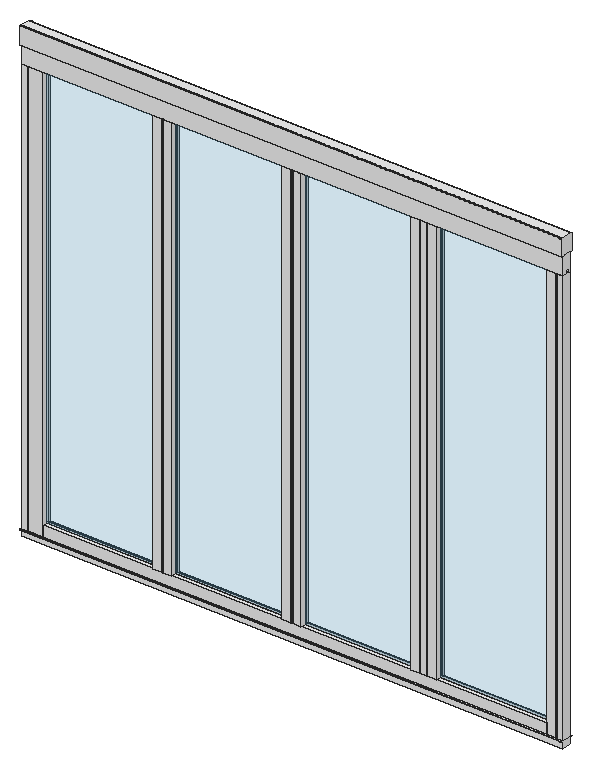
Revit family "Window-NanaWall-HSW-60", category Windows, host Wall, Revit 2013 (continued)
Definition of nested family "Left-Jamb_HSW60"
  Definition of nested family "Profile_LeftJamb_HSW60"
    Lines and regions (in)
      model lines, style "DetailComponents", in view "Ref. Level"
        curve 519: line (1.16254, -0.47007, 0) -> (1.80661, -0.47007, 0)
        curve 520: line (1.80661, -0.47007, 0) -> (1.86315, -0.37214, 0)
        curve 521: line (1.86315, -0.37214, 0) -> (1.80661, -0.47007, 0)
        curve 522: line (1.96156, -0.35255, 0) -> (1.89707, -0.35255, 0)
        curve 523: line (1.89707, -0.35255, 0) -> (1.95135, -0.35255, 0)
        curve 524: line (2.15743, -0.34905, 0) -> (2.15743, -0.59857, 0)
        curve 525: line (2.15743, -0.59857, 0) -> (2.14568, -0.61893, 0)
        curve 526: line (2.14568, -0.61893, 0) -> (2.15743, -0.63928, 0)
        curve 527: line (2.15743, -0.63928, 0) -> (2.15743, -0.67362, 0)
        curve 528: line (1.98184, -0.7123, 0) -> (2.09083, -0.68963, 0)
        curve 529: line (2.09083, -0.68963, 0) -> (2.09083, -0.54842, 0)
        curve 530: line (2.09083, -0.54842, 0) -> (1.56984, -0.54842, 0)
        curve 531: line (1.56984, -0.54842, 0) -> (1.56984, -0.86963, 0)
        curve 532: line (1.55025, -0.88922, 0) -> (1.53067, -0.88922, 0)
        curve 533: line (1.53067, -0.88922, 0) -> (1.53067, -0.85004, 0)
        curve 534: line (1.53067, -0.85004, 0) -> (1.37398, -0.85004, 0)
        curve 535: line (1.37398, -0.85004, 0) -> (1.37398, -1.10467, 0)
        curve 536: line (1.37398, -1.10467, 0) -> (1.53067, -1.10467, 0)
        curve 537: line (1.53067, -1.10467, 0) -> (1.53067, -1.06549, 0)
        curve 538: line (1.53067, -1.06549, 0) -> (1.55025, -1.06549, 0)
        curve 539: line (1.56984, -1.08508, 0) -> (1.56984, -1.16342, 0)
        curve 540: line (1.56984, -1.16342, 0) -> (0.00294, -1.16342, 0)
        curve 541: line (0.00294, -1.16342, 0) -> (0.00294, -1.11642, 0)
        curve 542: line (0.02252, -1.09683, 0) -> (0.12437, -1.09683, 0)
        curve 543: line (0.29673, -0.994, 0) -> (0.29673, -0.93231, 0)
        curve 544: line (0.25756, -0.89313, 0) -> (0.21055, -0.89313, 0)
        curve 545: line (0.21055, -0.89313, 0) -> (0.21055, -0.92447, 0)
        curve 546: line (0.18476, -0.94305, 0) -> (0.04844, -0.89754, 0)
        curve 547: line (0.00294, -0.83438, 0) -> (0.00294, -0.34905, 0)
        curve 548: line (0.1988, -0.35255, 0) -> (0.26329, -0.35255, 0)
        curve 549: line (0.29722, -0.37214, 0) -> (0.35376, -0.47007, 0)
        curve 550: line (0.35376, -0.47007, 0) -> (0.95865, -0.47007, 0)
        curve 551: line (0.00979, 0.27986, 0) -> (0.11066, 0.3381, 0)
        curve 552: line (0.0276, 0.33013, 0) -> (0.12046, 0.35506, 0)
        curve 553: line (0.12046, 0.35506, 0) -> (0.12046, 0.36475, 0)
        curve 554: line (0.12046, 0.36475, 0) -> (0.07639, 0.44108, 0)
        curve 555: line (0.07639, 0.44108, 0) -> (0.07639, 0.46224, 0)
        curve 556: line (0.08422, 0.47007, 0) -> (0.23504, 0.47007, 0)
        curve 557: line (0.24287, 0.46224, 0) -> (0.24287, 0.44108, 0)
        curve 558: line (0.24287, 0.44108, 0) -> (0.1988, 0.36475, 0)
        curve 559: line (0.1988, 0.36475, 0) -> (0.1988, 0.32566, 0)
        curve 560: line (0.17921, 0.29174, 0) -> (0.09401, 0.24254, 0)
        curve 561: line (0.07443, 0.20862, 0) -> (0.07443, -0.20862, 0)
        curve 562: line (0.09401, -0.24254, 0) -> (0.17921, -0.29174, 0)
        curve 563: line (0.1988, -0.32566, 0) -> (0.1988, -0.36475, 0)
        curve 564: line (0.1988, -0.36475, 0) -> (0.24287, -0.44108, 0)
        curve 565: line (0.24287, -0.44108, 0) -> (0.24287, -0.46224, 0)
        curve 566: line (0.23504, -0.47007, 0) -> (0.08422, -0.47007, 0)
        curve 567: line (0.07639, -0.46224, 0) -> (0.07639, -0.44108, 0)
        curve 568: line (0.07639, -0.44108, 0) -> (0.12046, -0.36475, 0)
        curve 569: line (0.12046, -0.36475, 0) -> (0.12046, -0.35506, 0)
        curve 570: line (0.12046, -0.35506, 0) -> (0.0276, -0.33013, 0)
        curve 571: line (0.11066, -0.3381, 0) -> (0.00979, -0.27986, 0)
        curve 572: line (0, -0.2629, 0) -> (0, 0.2629, 0)
        curve 573: line (2.15057, 0.27986, 0) -> (2.0497, 0.3381, 0)
        curve 574: line (2.07614, 0.47007, 0) -> (1.92533, 0.47007, 0)
        curve 575: line (1.9175, 0.46224, 0) -> (1.9175, 0.44108, 0)
        curve 576: line (1.9175, 0.44108, 0) -> (1.96156, 0.36475, 0)
        curve 577: line (1.96156, 0.36475, 0) -> (1.96156, 0.32566, 0)
        curve 578: line (1.98115, 0.29174, 0) -> (2.06635, 0.24254, 0)
        curve 579: line (2.08594, 0.20862, 0) -> (2.08594, -0.20862, 0)
        curve 580: line (1.98115, -0.29174, 0) -> (2.06635, -0.24254, 0)
        curve 581: line (2.06635, -0.24254, 0) -> (1.98115, -0.29174, 0)
        curve 582: line (1.96156, -0.36475, 0) -> (1.96156, -0.32566, 0)
        curve 583: line (1.96156, -0.32566, 0) -> (1.96156, -0.36475, 0)
        curve 584: line (1.96156, -0.36475, 0) -> (1.9175, -0.44108, 0)
        curve 585: line (1.9175, -0.44108, 0) -> (1.9175, -0.46224, 0)
        curve 586: line (1.9175, -0.46224, 0) -> (1.9175, -0.44108, 0)
        curve 587: line (1.9175, -0.44108, 0) -> (1.96156, -0.36475, 0)
        curve 588: line (1.92533, -0.47007, 0) -> (2.07614, -0.47007, 0)
        curve 589: line (2.08398, -0.46224, 0) -> (2.08398, -0.44108, 0)
        curve 590: line (2.08398, -0.44108, 0) -> (2.03991, -0.36475, 0)
        curve 591: line (2.03991, -0.36475, 0) -> (2.03991, -0.35506, 0)
        curve 592: line (2.03991, -0.35506, 0) -> (2.13276, -0.33013, 0)
        curve 593: line (2.15057, -0.27986, 0) -> (2.0497, -0.3381, 0)
        curve 594: line (2.0497, -0.3381, 0) -> (2.15057, -0.27986, 0)
        curve 595: line (2.16037, -0.2629, 0) -> (2.16037, 0.2629, 0)
        curve 596: line (0.36333, 1.09291, 0) -> (0.36333, 0.94014, 0)
        curve 597: line (0.36333, 0.94014, 0) -> (0.36333, 1.09291, 0)
        curve 598: line (0.36333, 1.09291, 0) -> (1.30738, 1.09291, 0)
        curve 599: line (1.30738, 1.09291, 0) -> (1.30738, 0.85396, 0)
        curve 600: line (1.50325, 0.78737, 0) -> (1.37398, 0.78737, 0)
        curve 601: line (1.37398, 0.78737, 0) -> (1.50325, 0.78737, 0)
        curve 602: line (1.50325, 0.78737, 0) -> (1.50325, 0.54842, 0)
        curve 603: line (1.50325, 0.54842, 0) -> (1.17529, 0.54842, 0)
        curve 604: line (0.06953, 0.54842, 0) -> (0.9459, 0.54842, 0)
        curve 605: line (0.9459, 0.54842, 0) -> (0.06953, 0.54842, 0)
        curve 606: line (0.06953, 0.54842, 0) -> (0.06953, 0.83438, 0)
        curve 607: line (0.06953, 0.83438, 0) -> (0.25756, 0.83438, 0)
        curve 608: line (0.25756, 0.83438, 0) -> (0.06953, 0.83438, 0)
        curve 609: line (0.06953, 0.83438, 0) -> (0.06953, 0.54842, 0)
        curve 610: line (1.16254, 0.47007, 0) -> (1.80661, 0.47007, 0)
        curve 611: line (1.80661, 0.47007, 0) -> (1.86315, 0.37214, 0)
        curve 612: line (1.89707, 0.35255, 0) -> (1.96156, 0.35255, 0)
        curve 613: line (2.0481, 0.35282, 0) -> (2.13277, 0.33013, 0)
        curve 614: line (2.13276, 0.33013, 0) -> (2.03991, 0.35506, 0)
        curve 615: line (2.03991, 0.35506, 0) -> (2.03991, 0.36475, 0)
        curve 616: line (2.03991, 0.36475, 0) -> (2.08398, 0.44108, 0)
        curve 617: line (2.08398, 0.44108, 0) -> (2.08398, 0.46224, 0)
        curve 618: line (2.15743, 0.34905, 0) -> (2.15743, 0.59857, 0)
        curve 619: line (2.15743, 0.59857, 0) -> (2.14568, 0.61893, 0)
        curve 620: line (2.14568, 0.61893, 0) -> (2.15743, 0.63928, 0)
        curve 621: line (2.15743, 0.63928, 0) -> (2.15743, 0.67362, 0)
        curve 622: line (2.15743, 0.67362, 0) -> (2.15743, 0.63928, 0)
        curve 623: line (2.15743, 0.63928, 0) -> (2.14568, 0.61893, 0)
        curve 624: line (2.14568, 0.61893, 0) -> (2.15743, 0.59857, 0)
        curve 625: line (2.15743, 0.59857, 0) -> (2.15743, 0.34905, 0)
        curve 626: line (1.99221, 0.76216, 0) -> (2.1044, 0.73882, 0)
        curve 627: line (2.1044, 0.73882, 0) -> (1.99221, 0.76216, 0)
        curve 628: line (1.55025, 0.88922, 0) -> (1.53067, 0.88922, 0)
        curve 629: line (1.53067, 0.88922, 0) -> (1.53067, 0.85004, 0)
        curve 630: line (1.53067, 0.85004, 0) -> (1.37398, 0.85004, 0)
        curve 631: line (1.37398, 0.85004, 0) -> (1.37398, 1.10467, 0)
        curve 632: line (1.37398, 1.10467, 0) -> (1.53067, 1.10467, 0)
        curve 633: line (1.53067, 1.10467, 0) -> (1.53067, 1.06549, 0)
        curve 634: line (1.53067, 1.06549, 0) -> (1.55025, 1.06549, 0)
        curve 635: line (1.56984, 1.08508, 0) -> (1.56984, 1.16342, 0)
        curve 636: line (1.56984, 1.16342, 0) -> (0.00294, 1.16342, 0)
        curve 637: line (0.00294, 1.16342, 0) -> (0.00294, 1.11642, 0)
        curve 638: line (0.00294, 1.11642, 0) -> (0.00294, 1.16342, 0)
        curve 639: line (0.12437, 1.09683, 0) -> (0.02252, 1.09683, 0)
        curve 640: line (0.02252, 1.09683, 0) -> (0.12437, 1.09683, 0)
        curve 641: line (0.29673, 0.93231, 0) -> (0.29673, 0.994, 0)
        curve 642: line (0.29673, 0.994, 0) -> (0.29673, 0.93231, 0)
        curve 643: line (0.21055, 0.89313, 0) -> (0.25756, 0.89313, 0)
        curve 644: line (0.25756, 0.89313, 0) -> (0.21055, 0.89313, 0)
        curve 645: line (0.21055, 0.89313, 0) -> (0.21055, 0.92447, 0)
        curve 646: line (0.21055, 0.92447, 0) -> (0.21055, 0.89313, 0)
        curve 647: line (0.04844, 0.89754, 0) -> (0.18476, 0.94305, 0)
        curve 648: line (0.18476, 0.94305, 0) -> (0.04844, 0.89754, 0)
        curve 649: line (0.00294, 0.83438, 0) -> (0.00294, 0.34905, 0)
        curve 650: line (0.1988, 0.35255, 0) -> (0.26329, 0.35255, 0)
        curve 651: line (0.29722, 0.37214, 0) -> (0.35376, 0.47007, 0)
        curve 652: line (0.35376, 0.47007, 0) -> (0.95865, 0.47007, 0)
        curve 653: line (1.56984, 0.86963, 0) -> (1.56984, 0.54842, 0)
        curve 654: line (1.56984, 0.54842, 0) -> (2.09083, 0.54842, 0)
        curve 655: line (2.09083, 0.54842, 0) -> (2.09083, 0.68963, 0)
        curve 656: line (2.09083, 0.68963, 0) -> (1.98184, 0.7123, 0)
        curve 657: line (1.98184, 0.7123, 0) -> (2.09083, 0.68963, 0)
        curve 658: line (2.09083, 0.68963, 0) -> (2.09083, 0.54842, 0)
        curve 659: line (2.64317, 0.34905, 0) -> (2.64317, 0.59857, 0)
        curve 660: line (2.64317, 0.59857, 0) -> (2.65492, 0.61893, 0)
        curve 661: line (2.65492, 0.61893, 0) -> (2.64317, 0.63928, 0)
        curve 662: line (2.64317, 0.63928, 0) -> (2.64317, 0.67362, 0)
        curve 663: line (3.23075, 1.08508, 0) -> (3.23075, 1.16342, 0)
        curve 664: line (3.23075, 1.16342, 0) -> (5.58111, 1.16342, 0)
        curve 665: line (5.58111, 1.16342, 0) -> (5.58111, 0.9786, 0)
        curve 666: line (3.63806, 0.47007, 0) -> (2.99399, 0.47007, 0)
        curve 667: line (2.99399, 0.47007, 0) -> (2.93745, 0.37214, 0)
        curve 668: line (5.18938, 0.9989, 0) -> (5.18938, 1.02632, 0)
        curve 669: line (5.18938, 1.02632, 0) -> (5.15021, 1.02632, 0)
        curve 670: line (5.15021, 1.02632, 0) -> (5.15021, 1.10467, 0)
        curve 671: line (5.15021, 1.10467, 0) -> (5.50668, 1.10467, 0)
        curve 672: line (5.50668, 1.10467, 0) -> (5.50668, 1.02632, 0)
        curve 673: line (5.50668, 1.02632, 0) -> (5.46751, 1.02632, 0)
        curve 674: line (5.46751, 1.02632, 0) -> (5.46751, 0.98715, 0)
        curve 675: line (5.46751, 0.98715, 0) -> (5.56473, 0.98715, 0)
        curve 676: line (5.56473, 0.98715, 0) -> (5.47926, 0.98715, 0)
        curve 677: line (5.17763, 0.98715, 0) -> (5.14237, 0.98715, 0)
        curve 678: line (5.1032, 1.02632, 0) -> (5.1032, 1.09291, 0)
        curve 679: line (5.1032, 1.09291, 0) -> (4.71931, 1.09291, 0)
        curve 680: line (4.71931, 1.09291, 0) -> (4.71931, 0.98777, 0)
        curve 681: line (4.71931, 0.98777, 0) -> (4.78872, 0.8677, 0)
        curve 682: line (2.81875, 0.7123, 0) -> (2.70976, 0.68963, 0)
        curve 683: line (2.70976, 0.68963, 0) -> (2.70976, 0.54842, 0)
        curve 684: line (2.70976, 0.54842, 0) -> (3.23075, 0.54842, 0)
        curve 685: line (3.23075, 0.54842, 0) -> (3.23075, 0.86963, 0)
        curve 686: line (3.25034, 0.88922, 0) -> (3.26993, 0.88922, 0)
        curve 687: line (3.26993, 0.88922, 0) -> (3.26993, 0.85004, 0)
        curve 688: line (3.26993, 0.85004, 0) -> (3.42662, 0.85004, 0)
        curve 689: line (3.42662, 0.85004, 0) -> (3.42662, 1.10467, 0)
        curve 690: line (3.42662, 1.10467, 0) -> (3.26993, 1.10467, 0)
        curve 691: line (3.26993, 1.10467, 0) -> (3.26993, 1.06549, 0)
        curve 692: line (3.26993, 1.06549, 0) -> (3.25034, 1.06549, 0)
        curve 693: line (3.42662, 0.78737, 0) -> (3.29735, 0.78737, 0)
        curve 694: line (3.29735, 0.78737, 0) -> (3.29735, 0.54842, 0)
        curve 695: line (3.29735, 0.54842, 0) -> (3.62531, 0.54842, 0)
        curve 696: line (3.85469, 0.54842, 0) -> (4.73106, 0.54842, 0)
        curve 697: line (4.73106, 0.54842, 0) -> (4.73106, 0.83438, 0)
        curve 698: line (4.73106, 0.83438, 0) -> (4.65272, 0.96991, 0)
        curve 699: line (4.65272, 0.96991, 0) -> (4.65272, 1.09291, 0)
        curve 700: line (4.65272, 1.09291, 0) -> (3.49321, 1.09291, 0)
        curve 701: line (3.49321, 1.09291, 0) -> (3.49321, 0.85396, 0)
        curve 702: line (4.50338, 0.37214, 0) -> (4.44683, 0.47007, 0)
        curve 703: line (4.44683, 0.47007, 0) -> (3.84194, 0.47007, 0)
        curve 704: line (4.60179, 0.35255, 0) -> (4.5373, 0.35255, 0)
        curve 705: line (2.90352, 0.35255, 0) -> (2.83903, 0.35255, 0)
        curve 706: line (4.79766, 0.83438, 0) -> (4.79766, 0.34905, 0)
        curve 707: line (2.64317, -0.34905, 0) -> (2.64317, -0.59857, 0)
        curve 708: line (2.64317, -0.59857, 0) -> (2.65492, -0.61893, 0)
        curve 709: line (2.65492, -0.61893, 0) -> (2.64317, -0.63928, 0)
        curve 710: line (2.64317, -0.63928, 0) -> (2.64317, -0.67362, 0)
        curve 711: line (2.81875, -0.7123, 0) -> (2.70976, -0.68963, 0)
        curve 712: line (2.70976, -0.68963, 0) -> (2.70976, -0.54842, 0)
        curve 713: line (2.70976, -0.54842, 0) -> (3.23075, -0.54842, 0)
        curve 714: line (3.23075, -0.54842, 0) -> (3.23075, -0.86963, 0)
        curve 715: line (3.42662, -0.78737, 0) -> (3.29735, -0.78737, 0)
        curve 716: line (3.29735, -0.78737, 0) -> (3.29735, -0.54842, 0)
        curve 717: line (3.29735, -0.54842, 0) -> (3.62531, -0.54842, 0)
        curve 718: line (3.25034, -0.88922, 0) -> (3.26993, -0.88922, 0)
        curve 719: line (3.26993, -0.88922, 0) -> (3.26993, -0.85004, 0)
        curve 720: line (3.26993, -0.85004, 0) -> (3.42662, -0.85004, 0)
        curve 721: line (3.42662, -0.85004, 0) -> (3.42662, -1.10467, 0)
        curve 722: line (3.42662, -1.10467, 0) -> (3.26993, -1.10467, 0)
        curve 723: line (3.26993, -1.10467, 0) -> (3.26993, -1.06549, 0)
        curve 724: line (3.26993, -1.06549, 0) -> (3.25034, -1.06549, 0)
        curve 725: line (4.60179, -0.35255, 0) -> (4.5373, -0.35255, 0)
        curve 726: line (2.90352, -0.35255, 0) -> (2.83903, -0.35255, 0)
        curve 727: line (4.43727, -0.93231, 0) -> (4.43727, -1.09291, 0)
        curve 728: line (4.43727, -1.09291, 0) -> (3.49321, -1.09291, 0)
        curve 729: line (3.49321, -1.09291, 0) -> (3.49321, -0.85396, 0)
        curve 730: line (4.50338, -0.37214, 0) -> (4.44683, -0.47007, 0)
        curve 731: line (4.44683, -0.47007, 0) -> (3.84194, -0.47007, 0)
        curve 732: line (3.63806, -0.47007, 0) -> (2.99399, -0.47007, 0)
        curve 733: line (2.99399, -0.47007, 0) -> (2.93745, -0.37214, 0)
        curve 734: line (4.50386, -0.994, 0) -> (4.50386, -0.93231, 0)
        curve 735: line (4.54303, -0.89313, 0) -> (4.59004, -0.89313, 0)
        curve 736: line (4.59004, -0.89313, 0) -> (4.59004, -0.92447, 0)
        curve 737: line (3.85469, -0.54842, 0) -> (4.73106, -0.54842, 0)
        curve 738: line (4.73106, -0.54842, 0) -> (4.73106, -0.82654, 0)
        curve 739: line (4.73106, -0.82654, 0) -> (4.54303, -0.82654, 0)
        curve 740: line (3.23075, -1.08508, 0) -> (3.23075, -1.16342, 0)
        curve 741: line (3.23075, -1.16342, 0) -> (4.79766, -1.16342, 0)
        curve 742: line (4.79766, -1.16342, 0) -> (4.79766, -1.11642, 0)
        curve 743: line (4.79766, -0.34905, 0) -> (4.79766, -0.82654, 0)
        curve 744: line (2.6962, -0.73882, 0) -> (2.80838, -0.76216, 0)
        curve 745: line (4.77807, -1.09683, 0) -> (4.67622, -1.09683, 0)
        curve 746: line (4.61676, -0.94271, 0) -> (4.7553, -0.88856, 0)
        curve 747: line (2.64317, -0.2629, 0) -> (2.64317, 0.2629, 0)
        curve 748: line (2.71466, 0.20862, 0) -> (2.71466, -0.20862, 0)
        curve 749: line (2.71662, -0.46224, 0) -> (2.71662, -0.44108, 0)
        curve 750: line (2.71662, -0.44108, 0) -> (2.76068, -0.36475, 0)
        curve 751: line (2.76068, -0.36475, 0) -> (2.76068, -0.35501, 0)
        curve 752: line (2.76068, -0.35501, 0) -> (2.66782, -0.33013, 0)
        curve 753: line (2.66782, 0.33013, 0) -> (2.76068, 0.35501, 0)
        curve 754: line (2.76068, 0.35501, 0) -> (2.76068, 0.36475, 0)
        curve 755: line (2.76068, 0.36475, 0) -> (2.71662, 0.44108, 0)
        curve 756: line (2.71662, 0.44108, 0) -> (2.71662, 0.46224, 0)
        curve 757: line (2.8831, 0.46224, 0) -> (2.8831, 0.44108, 0)
        curve 758: line (2.8831, 0.44108, 0) -> (2.83903, 0.36475, 0)
        curve 759: line (2.83903, 0.36475, 0) -> (2.83903, 0.32566, 0)
        curve 760: line (2.83903, -0.32566, 0) -> (2.83903, -0.36475, 0)
        curve 761: line (2.83903, -0.36475, 0) -> (2.8831, -0.44108, 0)
        curve 762: line (2.8831, -0.44108, 0) -> (2.8831, -0.46224, 0)
        curve 763: line (2.65296, 0.27986, 0) -> (2.75089, 0.3381, 0)
        curve 764: line (2.81944, 0.29174, 0) -> (2.73424, 0.24254, 0)
        curve 765: line (2.72445, 0.47007, 0) -> (2.87526, 0.47007, 0)
        curve 766: line (2.87526, -0.47007, 0) -> (2.72445, -0.47007, 0)
        curve 767: line (2.73424, -0.24254, 0) -> (2.81944, -0.29174, 0)
        curve 768: line (2.75089, -0.3381, 0) -> (2.65296, -0.27986, 0)
        curve 769: line (4.55772, 0.46224, 0) -> (4.55772, 0.44108, 0)
        curve 770: line (4.55772, 0.44108, 0) -> (4.60179, 0.36475, 0)
        curve 771: line (4.60179, 0.36475, 0) -> (4.60179, 0.32566, 0)
        curve 772: line (4.78786, 0.27986, 0) -> (4.68993, 0.3381, 0)
        curve 773: line (4.62138, 0.29174, 0) -> (4.70658, 0.24254, 0)
        curve 774: line (4.71637, 0.47007, 0) -> (4.56556, 0.47007, 0)
        curve 775: line (4.72421, -0.46224, 0) -> (4.72421, -0.44108, 0)
        curve 776: line (4.72421, -0.44108, 0) -> (4.68014, -0.36475, 0)
        curve 777: line (4.68014, -0.36475, 0) -> (4.68014, -0.35506, 0)
        curve 778: line (4.68014, -0.35506, 0) -> (4.77299, -0.33013, 0)
        curve 779: line (4.773, 0.33013, 0) -> (4.68014, 0.35501, 0)
        curve 780: line (4.68014, 0.35501, 0) -> (4.68014, 0.36475, 0)
        curve 781: line (4.68014, 0.36475, 0) -> (4.72421, 0.44108, 0)
        curve 782: line (4.72421, 0.44108, 0) -> (4.72421, 0.46224, 0)
        curve 783: line (4.56556, -0.47007, 0) -> (4.71637, -0.47007, 0)
        curve 784: line (4.60179, -0.32566, 0) -> (4.60179, -0.36475, 0)
        curve 785: line (4.60179, -0.36475, 0) -> (4.55772, -0.44108, 0)
        curve 786: line (4.55772, -0.44108, 0) -> (4.55772, -0.46224, 0)
        curve 787: line (4.70658, -0.24254, 0) -> (4.62138, -0.29174, 0)
        curve 788: line (4.72617, 0.20862, 0) -> (4.72617, -0.20862, 0)
        curve 789: line (4.68993, -0.3381, 0) -> (4.78786, -0.27986, 0)
        curve 790: line (4.79766, -0.2629, 0) -> (4.79766, 0.2629, 0)
        curve 791: line (2.37032, -0.98232, 0) -> (2.35329, -0.97931, 0)
        curve 792: line (2.35329, -0.97931, 0) -> (2.35329, -0.92839, 0)
        curve 793: line (2.35329, -0.92839, 0) -> (2.43164, -0.92839, 0)
        curve 794: line (2.43164, -0.92839, 0) -> (2.43164, -0.86963, 0)
        curve 795: line (2.56482, -0.48966, 0) -> (2.56482, -0.81087, 0)
        curve 796: line (2.56482, -0.81087, 0) -> (2.49039, -0.81087, 0)
        curve 797: line (2.58441, -0.47007, 0) -> (2.64317, -0.47007, 0)
        curve 798: line (2.64317, -0.47007, 0) -> (2.64317, -0.50924, 0)
        curve 799: line (2.64317, -0.50924, 0) -> (2.62358, -0.50924, 0)
        curve 800: line (2.62358, -0.50924, 0) -> (2.62358, -0.81087, 0)
        curve 801: line (2.62358, -0.81087, 0) -> (2.7411, -0.81087, 0)
        curve 802: line (2.7411, -0.81087, 0) -> (2.7411, -0.77142, 0)
        curve 803: line (2.75524, -0.75991, 0) -> (2.7905, -0.76725, 0)
        curve 804: line (2.79986, -0.77875, 0) -> (2.79986, -0.81087, 0)
        curve 805: line (2.79986, -0.81087, 0) -> (2.83903, -0.81087, 0)
        curve 806: line (2.83903, -0.81087, 0) -> (2.83903, -0.88138, 0)
        curve 807: line (2.83903, -0.88138, 0) -> (2.50215, -0.88138, 0)
        curve 808: line (2.50215, -0.88138, 0) -> (2.50215, -1.09291, 0)
        curve 809: line (2.50215, -1.09291, 0) -> (3.14066, -1.09291, 0)
        curve 810: line (3.14066, -1.09291, 0) -> (3.14066, -1.00666, 0)
        curve 811: line (3.14066, -1.00666, 0) -> (3.282, -1.00666, 0)
        curve 812: line (3.282, -1.00666, 0) -> (3.282, -0.94462, 0)
        curve 813: line (3.282, -0.94462, 0) -> (3.23075, -0.94462, 0)
        curve 814: line (3.32869, -1.01653, 0) -> (3.32869, -0.93818, 0)
        curve 815: line (3.28951, -0.89901, 0) -> (3.23075, -0.89901, 0)
        curve 816: line (3.23075, -0.89901, 0) -> (3.23075, -0.94462, 0)
        curve 817: line (3.28951, -1.0557, 0) -> (3.21117, -1.0557, 0)
        curve 818: line (3.21117, -1.0557, 0) -> (3.21117, -1.12425, 0)
        curve 819: line (3.21117, -1.12425, 0) -> (3.23075, -1.14384, 0)
        curve 820: line (3.23075, -1.14384, 0) -> (3.23075, -1.16342, 0)
        curve 821: line (3.23075, -1.16342, 0) -> (1.97723, -1.16342, 0)
        curve 822: line (1.97723, -1.16342, 0) -> (1.97723, -0.92839, 0)
        curve 823: line (1.97723, -0.92839, 0) -> (2.07517, -0.92839, 0)
        curve 824: line (2.07517, -0.92839, 0) -> (2.07517, -0.96756, 0)
        curve 825: line (2.07517, -0.96756, 0) -> (2.03599, -0.96756, 0)
        curve 826: line (2.03599, -0.96756, 0) -> (2.03599, -1.09683, 0)
        curve 827: line (2.03599, -1.09683, 0) -> (2.27494, -1.09683, 0)
        curve 828: line (2.35329, -0.92839, 0) -> (2.35329, -0.96756, 0)
        curve 829: line (2.35329, -0.96756, 0) -> (2.43164, -0.96756, 0)
        curve 830: line (2.43164, -0.96756, 0) -> (2.43164, -1.09683, 0)
        curve 831: line (2.43164, -1.09683, 0) -> (2.31412, -1.09683, 0)
        curve 832: line (2.31412, -1.09683, 0) -> (2.31412, -1.04591, 0)
        curve 833: line (2.31412, -1.04591, 0) -> (2.27494, -1.04591, 0)
        curve 834: line (2.27494, -1.04591, 0) -> (2.27494, -1.09683, 0)
Definition of nested family "Sash_Open-Door_HSW-60_NanaWall"
  Parameters (values of type "Sash_Open-Door_HSW-60_NanaWall")
    system length 1 = 2' - 6.77422"
    Height = 8' - 11 121/128"
    Glass Thickness = 0' - 0.94091"
    Glass = Glass - NanaWall - Generic
    Assembly Code = ""
  Reference planes (in)
    plane 1 "Center (Front/Back)": y = -7.70117
    plane 2: z = 0
    plane 3 "Center (Left/Right)": x = 0.01235
    plane 4 "Left": x = -15.37476
    plane 5 "Right": x = 15.39946
    plane 6 "Top": z = 107.94531
    plane 7 "Top Interior Edge of Filler": z = 107.43359
    plane 8 "Bottom Interior Edge of Filler": z = 0.51172
    plane 9 "Top Edge of Glass": z = 105.07813
    plane 10 "Bottom Edge of Glass": z = 2.86719
  Forms (in)
    Extrusion 1, solid, material "Glass - NanaWall - Generic" <- "Glass"
      sketch origin (0, 0, 0) x (1, 0, 0) y (0, 1, 0)
        loop
          line (-15.37476, -7.23072) -> (-15.37476, -8.17163) -> (15.39946, -8.17163) -> (15.39946, -7.23072) -> (-15.37476, -7.23072)
      from 0 to 107.94531
  Lines and regions (in)
    Masking region 1
      outline origin (0, 0, 0) x (1, 0, 0) y (0, 1, 0)
        loop
          line (-15.37476, -8.17163) -> (15.39946, -8.17163) -> (15.39946, -7.23072) -> (-15.37476, -7.23072) -> (-15.37476, -8.17163)
  Text (in)
    text "INTERIOR" at (-58.41771, 10.1947, 0), in view "Ref. Level"
    text "EXTERIOR" at (-58.41771, -20.04114, 0), in view "Ref. Level"
  Dimensions and locks (in)
    equal spacing: plane 4 "Left", plane 3 "Center (Left/Right)", plane 5 "Right"
    "Height": plane 6 "Top" to level
    locked: plane 6 "Top" to plane 7 "Top Interior Edge of Filler" at 0.51172
    locked: plane 8 "Bottom Interior Edge of Filler" to level at 0.51172
    locked: plane 10 "Bottom Edge of Glass" to level at 2.86719
    locked: plane 6 "Top" to plane 9 "Top Edge of Glass" at 2.86719
    "system length 1": plane 4 "Left" to plane 5 "Right"
    equal spacing: Extrusion 1 sketch curve, plane 1 "Center (Front/Back)", Extrusion 1 sketch curve
    "Glass Thickness": Extrusion 1 sketch curve to Extrusion 1 sketch curve
    aligned and locked: Extrusion 1 sketch curve to plane 5 "Right"
    aligned and locked: plane 4 "Left" to Extrusion 1 sketch curve
    aligned and locked: Masking region 1 sketch curve to Extrusion 1  (x2)
    aligned and locked: Masking region 1 sketch curve to plane 4 "Left"
    aligned and locked: Masking region 1 sketch curve to plane 5 "Right"
    aligned and locked: Extrusion 1 to level
    aligned and locked: plane 6 "Top" to Extrusion 1
Definition of nested family "Middle-Jamb_11.6"
  Parameters (values of type "Middle-Jamb_11.6")
    built-in parameter 1001301 = 1' - 0"
    Right Jamb = Metal - NanaWall - Aluminum
    Height = 8' - 11 121/128"
    Half = yes
    Filler = Rubber - NanaWall - Black
    Closed [instance] = yes
    Assembly Code = ""
  Reference planes (in)
    plane 1 "Center (Front/Back)": y = 0
    plane 2: z = 0
    plane 3 "Center (Left/Right)": x = -7.30207
    plane 4 "Top": z = 107.94531
    plane 5: x = -10.09324
    plane 6: x = -4.5109
  Forms (in)
    Sweep 1, solid, material "Metal - NanaWall - Aluminum" <- "Right Jamb", visible <- "Closed"
      path origin (-7.30207, 0, 0) x (0, 1, 0) y (0, 0, -1)
        loop
          line (0, -107.94531) -> (0, 0)
      profile origin (-7.30207, 0, 53.97266) x (-1, 0, 0) y (0, -1, 0)
        loop
          line (-3.36375, -1.16437) -> (-1.02716, -1.16437) -> (-1.02716, 1.16438) -> (-3.37943, 1.16438) -> (-3.37943, 0.10977) -> (-2.79117, 0.10977) -> (-2.79117, -0.83114) -> (-3.36375, -0.83114) -> (-3.36375, -1.16437)
        loop
          line (3.36375, -1.16437) -> (3.36375, -0.83114) -> (2.79117, -0.83114) -> (2.79117, 0.10977) -> (3.37943, 0.10977) -> (3.37943, 1.16438) -> (1.02716, 1.16438) -> (1.02716, -1.16437) -> (3.36375, -1.16437)
    Sweep 2, solid, material "Metal - NanaWall - Aluminum" <- "Right Jamb"
      path origin (-7.30207, 0, 0) x (0, 1, 0) y (0, 0, -1)
        loop
          line (0, -107.94531) -> (0, 0)
      profile origin (-7.30207, 0, 53.97266) x (-1, 0, 0) y (0, -1, 0)
        loop
          line (-1.02716, 0.82155) -> (-1.02716, -1.16437) -> (0.61943, -1.16437) -> (0.61943, -0.82155) -> (1.02716, -0.82155) -> (1.02716, 1.16438) -> (-0.61943, 1.16438) -> (-0.61943, 0.82155) -> (-1.02716, 0.82155)
  Lines and regions (in)
    Masking region 1, visible <- "Closed"
      outline origin (0, 0, 0) x (1, 0, 0) y (0, 1, 0)
        loop
          line (-3.92264, -1.16438) -> (-3.92264, -0.10977) -> (-4.5109, -0.10977) -> (-4.5109, 0.83114) -> (-3.93832, 0.83114) -> (-3.93832, 1.16437) -> (-6.27491, 1.16437) -> (-6.27491, -1.16438) -> (-3.92264, -1.16438)
        loop
          line (-10.6815, -1.16438) -> (-8.32923, -1.16438) -> (-8.32923, 1.16437) -> (-10.66582, 1.16437) -> (-10.66582, 0.83114) -> (-10.09324, 0.83114) -> (-10.09324, -0.10977) -> (-10.6815, -0.10977) -> (-10.6815, -1.16438)
    Masking region 2
      outline origin (-2.33659, 0, 0) x (1, 0, 0) y (0, 1, 0)
        loop
          line (-5.58491, 1.16437) -> (-5.58491, 0.82155) -> (-5.99264, 0.82155) -> (-5.99264, -1.16438) -> (-4.34605, -1.16438) -> (-4.34605, -0.82155) -> (-3.93832, -0.82155) -> (-3.93832, 1.16437) -> (-5.58491, 1.16437)
    symbolic lines, style "DoorsFrameMullionProjection", detail levels medium+fine
      curve 1: line (-6.27491, -0.82155, 0) -> (-6.27491, 1.16437, 0)
      curve 2: line (-8.32923, 0.82155, 0) -> (-8.32923, -1.16438, 0)
  Dimensions and locks (in)
    "Height": plane 4 "Top" to level
    plane 4 "Top" to level = 8' - 11 121/128"
    locked: plane 5 to plane 3 "Center (Left/Right)" at 2.79117
    locked: plane 3 "Center (Left/Right)" to plane 6 at 2.79117
    aligned and locked: profile plane to plane 3 "Center (Left/Right)"
  Automatic sketch dimensions
    curve 2 to plane 3 "Center (Left/Right)" = 0' - 1.02716"
    plane 3 "Center (Left/Right)" to curve 1 = 0' - 1.02716"
    plane 1 "Center (Front/Back)" to curve 2 = 0' - 1.16438"
    plane 1 "Center (Front/Back)" to curve 1 = 0' - 0.82155"
    curve 2 to plane 1 "Center (Front/Back)" = 0' - 0.82155"
    curve 1 to plane 1 "Center (Front/Back)" = 0' - 1.16438"
    Sweep 1 sketch curve to level = 0' - 0"
    Sweep 1 sketch curve to plane 1 "Center (Front/Back)" = 0' - 0"
    Sweep 1 sketch curve to plane 4 "Top" = 0' - 0"
    Sweep 1 sketch curve to profile plane = 0' - 1.16438"
    Sweep 1 sketch curve to profile plane = 0' - 3.37943"
    Sweep 1 sketch curve to Sweep 1 sketch curve = 0' - 0.01568"
    Sweep 1 sketch curve to profile plane = 0' - 0.10977"  (x2)
    Sweep 1 sketch curve to Sweep 1 sketch curve = 0' - 0.58826"  (x2)
    Sweep 1 sketch curve to profile plane = 0' - 1.02716"
    profile plane to Sweep 1 sketch curve = 0' - 1.02716"
    Sweep 1 sketch curve to Sweep 1 sketch curve = 0' - 1.76401"
    Sweep 1 sketch curve to Sweep 1 sketch curve = 0' - 0.57258"
    profile plane to Sweep 1 sketch curve = 0' - 0.83114"  (x2)
    profile plane to Sweep 1 sketch curve = 0' - 1.16437"  (x2)
    Sweep 1 sketch curve to Sweep 1 sketch curve = 0' - 1.0546"
    Masking region 1 sketch curve to plane 5 = 0' - 0"
    Masking region 1 sketch curve to plane 6 = 0' - 0"
    plane 5 to Masking region 1 sketch curve = 0' - 0.57258"
    plane 1 "Center (Front/Back)" to Masking region 1 sketch curve = 0' - 0.10977"  (x2)
    plane 5 to Masking region 1 sketch curve = 0' - 0.58826"
    Masking region 1 sketch curve to plane 3 "Center (Left/Right)" = 0' - 1.02716"
    plane 3 "Center (Left/Right)" to Masking region 1 sketch curve = 0' - 1.02716"
    Masking region 1 sketch curve to Masking region 1 sketch curve = 0' - 0.57258"
    plane 6 to Masking region 1 sketch curve = 0' - 0.58826"
    plane 1 "Center (Front/Back)" to Masking region 1 sketch curve = 0' - 1.16438"  (x2)
    Masking region 1 sketch curve to plane 1 "Center (Front/Back)" = 0' - 0.83114"  (x2)
    Masking region 1 sketch curve to plane 1 "Center (Front/Back)" = 0' - 1.16438"  (x2)
    Sweep 2 sketch curve to level = 0' - 0"
    Sweep 2 sketch curve to plane 1 "Center (Front/Back)" = 0' - 0"
    Sweep 2 sketch curve to plane 4 "Top" = 0' - 0"
    Sweep 2 sketch curve to profile plane = 0' - 1.02716"
    Sweep 2 sketch curve to Sweep 2 sketch curve = 0' - 0.40773"  (x2)
    profile plane to Sweep 2 sketch curve = 0' - 0.61943"
    profile plane to Sweep 2 sketch curve = 0' - 1.16437"
    Sweep 2 sketch curve to Sweep 2 sketch curve = 0' - 0.34282"  (x2)
    Sweep 2 sketch curve to profile plane = 0' - 0.82155"
    Masking region 2 sketch curve to plane 3 "Center (Left/Right)" = 0' - 1.02716"
    Masking region 2 sketch curve to Masking region 2 sketch curve = 0' - 0.40773"  (x2)
    Masking region 2 sketch curve to plane 1 "Center (Front/Back)" = 0' - 0.82155"
    Masking region 2 sketch curve to Masking region 2 sketch curve = 0' - 0.34282"  (x2)
    plane 3 "Center (Left/Right)" to Masking region 2 sketch curve = 0' - 0.61943"
    plane 1 "Center (Front/Back)" to Masking region 2 sketch curve = 0' - 0.82155"
Definition of nested family "Middle-Jamb_11"
  Parameters (values of type "Middle-Jamb_11")
    built-in parameter 1001301 = 1' - 11 147/256"
    Right Jamb = Metal - NanaWall - Aluminum
    Height = 8' - 11 121/128"
    Half = yes
    Glass Width = 1' - 11 147/256"
    Glass = Glass - NanaWall - Generic
    Filler = none
    Assembly Code = ""
  Reference planes (in)
    plane 1 "Center (Front/Back)": y = 0
    plane 2: z = 0
    plane 3 "Center (Left/Right)": x = -7.30207
    plane 4 "Top": z = 107.94531
    plane 5: x = -5.3342
    plane 6: x = -9.26994
    plane 7: x = 18.24002
  Forms (in)
    Sweep 1, solid, material "Metal - NanaWall - Aluminum" <- "Right Jamb"
      path origin (-7.30207, 0, 0) x (0, 1, 0) y (0, 0, -1)
        loop
          line (0, -107.94531) -> (0, 0)
      profile origin (-7.30207, 0, 53.97266) x (-1, 0, 0) y (0, -1, 0)
        loop
          line (2.54045, -1.16437) -> (2.54045, -0.83114) -> (1.96787, -0.83114) -> (1.96787, 0.10977) -> (2.55614, 0.10977) -> (2.55614, 1.16438) -> (0.20386, 1.16438) -> (0.20386, 0.54886) -> (-0.20386, 0.54886) -> (-0.20386, 1.16438) -> (-2.55614, 1.16438) -> (-2.55614, 0.10977) -> (-1.96787, 0.10977) -> (-1.96787, -0.83114) -> (-2.54045, -0.83114) -> (-2.54045, -1.16437) -> (-0.20386, -1.16437) -> (-0.20386, -0.54886) -> (0.20386, -0.54886) -> (0.20386, -1.16437) -> (2.54045, -1.16437)
    Sweep 2, solid, material "Metal - NanaWall - Aluminum" <- "Right Jamb"
      path origin (-7.30207, 0, 0) x (0, 1, 0) y (0, 0, -1)
        loop
          line (0, -107.94531) -> (0, 0)
      profile origin (-7.30207, 0, 53.97266) x (-1, 0, 0) y (0, -1, 0)
        loop
          line (0.20386, 1.16438) -> (-0.20386, 1.16438) -> (-0.20386, 0.54886) -> (0.20386, 0.54886) -> (0.20386, 1.16438)
        loop
          line (0.20386, -1.16437) -> (0.20386, -0.54886) -> (-0.20386, -0.54886) -> (-0.20386, -1.16437) -> (0.20386, -1.16437)
  Lines and regions (in)
    Masking region 1
      outline origin (0, 0, 0) x (1, 0, 0) y (0, 1, 0)
        loop
          line (-4.76162, 1.16437) -> (-7.09821, 1.16437) -> (-7.09821, 0.54886) -> (-7.50593, 0.54886) -> (-7.50593, 1.16437) -> (-9.84252, 1.16437) -> (-9.84252, 0.83114) -> (-9.26994, 0.83114) -> (-9.26994, -0.10977) -> (-9.85821, -0.10977) -> (-9.85821, -1.16438) -> (-7.50593, -1.16438) -> (-7.50593, -0.54886) -> (-7.09821, -0.54886) -> (-7.09821, -1.16438) -> (-4.74593, -1.16438) -> (-4.74593, -0.10977) -> (-5.3342, -0.10977) -> (-5.3342, 0.83114) -> (-4.76162, 0.83114) -> (-4.76162, 1.16437)
    Masking region 2
      outline origin (-0.40773, 0, 0) x (1, 0, 0) y (0, 1, 0)
        loop
          line (-6.69048, -0.54886) -> (-7.09821, -0.54886) -> (-7.09821, -1.16438) -> (-6.69048, -1.16438) -> (-6.69048, -0.54886)
        loop
          line (-7.09821, 0.54886) -> (-6.69048, 0.54886) -> (-6.69048, 1.16437) -> (-7.09821, 1.16437) -> (-7.09821, 0.54886)
    symbolic lines, style "DoorsFrameMullionProjection", detail levels medium+fine
      curve 1: line (-7.09821, 0.54886, 0) -> (-7.09821, -0.54886, 0)
      curve 2: line (-7.50593, 0.54886, 0) -> (-7.50593, -0.54886, 0)
  Dimensions and locks (in)
    "Height": plane 4 "Top" to level
    plane 4 "Top" to level = 8' - 11 121/128"
    "Glass Width": plane 5 to plane 7
    aligned and locked: profile plane to plane 3 "Center (Left/Right)"
    aligned and locked: nested 1 to Sweep 1
    aligned and locked: plane 5 to nested 1
    aligned and locked: nested 1 to level
  Automatic sketch dimensions
    Sweep 1 sketch curve to level = 0' - 0"
    Sweep 1 sketch curve to plane 1 "Center (Front/Back)" = 0' - 0"
    Sweep 1 sketch curve to plane 4 "Top" = 0' - 0"
    Sweep 1 sketch curve to profile plane = 0' - 0.10977"  (x2)
    Sweep 1 sketch curve to profile plane = 0' - 2.55614"
    Sweep 1 sketch curve to Sweep 1 sketch curve = 0' - 0.01568"
    Sweep 1 sketch curve to Sweep 1 sketch curve = 0' - 0.57258"  (x2)
    Sweep 1 sketch curve to profile plane = 0' - 0.20386"  (x2)
    profile plane to Sweep 1 sketch curve = 0' - 0.20386"  (x2)
    Sweep 1 sketch curve to Sweep 1 sketch curve = 0' - 1.76401"
    Sweep 1 sketch curve to Sweep 1 sketch curve = 0' - 0.58826"
    profile plane to Sweep 1 sketch curve = 0' - 0.54886"
    profile plane to Sweep 1 sketch curve = 0' - 0.83114"  (x2)
    Sweep 1 sketch curve to Sweep 1 sketch curve = 0' - 0.61551"
    Sweep 1 sketch curve to Sweep 1 sketch curve = 0' - 0"  (x2)
    Sweep 1 sketch curve to profile plane = 0' - 0.54886"
    Sweep 1 sketch curve to Sweep 1 sketch curve = 0' - 1.0546"
    Masking region 1 sketch curve to Masking region 1 sketch curve = 0' - 0.57258"  (x2)
    Masking region 1 sketch curve to plane 3 "Center (Left/Right)" = 0' - 0.20386"  (x2)
    plane 3 "Center (Left/Right)" to Masking region 1 sketch curve = 0' - 0.20386"  (x2)
    plane 1 "Center (Front/Back)" to Masking region 1 sketch curve = 0' - 0.10977"  (x2)
    plane 1 "Center (Front/Back)" to Masking region 1 sketch curve = 0' - 0.54886"
    Masking region 1 sketch curve to Masking region 1 sketch curve = 0' - 1.0546"  (x2)
    Masking region 1 sketch curve to plane 1 "Center (Front/Back)" = 0' - 0.54886"
    Masking region 1 sketch curve to plane 1 "Center (Front/Back)" = 0' - 0.83114"  (x2)
    Masking region 1 sketch curve to Masking region 1 sketch curve = 0' - 0.33324"  (x2)
    Sweep 2 sketch curve to level = 0' - 0"
    Sweep 2 sketch curve to plane 1 "Center (Front/Back)" = 0' - 0"
    Sweep 2 sketch curve to plane 4 "Top" = 0' - 0"
    Sweep 2 sketch curve to profile plane = 0' - 0.20386"  (x2)
    profile plane to Sweep 2 sketch curve = 0' - 0.20386"  (x2)
    profile plane to Sweep 2 sketch curve = 0' - 1.16437"
    profile plane to Sweep 2 sketch curve = 0' - 0.54886"
    Sweep 2 sketch curve to profile plane = 0' - 0.54886"
    Sweep 2 sketch curve to Sweep 2 sketch curve = 0' - 0.61551"
    Masking region 2 sketch curve to plane 3 "Center (Left/Right)" = 0' - 0.20386"  (x2)
    plane 3 "Center (Left/Right)" to Masking region 2 sketch curve = 0' - 0.20386"  (x2)
    plane 1 "Center (Front/Back)" to Masking region 2 sketch curve = 0' - 1.16438"
    plane 1 "Center (Front/Back)" to Masking region 2 sketch curve = 0' - 0.54886"
    Masking region 2 sketch curve to plane 1 "Center (Front/Back)" = 0' - 0.54886"
    Masking region 2 sketch curve to Masking region 2 sketch curve = 0' - 0.61551"
    Masking region 1 sketch curve to plane 6 = 0' - 0"
    plane 6 to Masking region 1 sketch curve = 0' - 0.58826"
    Masking region 1 sketch curve to plane 5 = 0' - 0"
    Masking region 1 sketch curve to Masking region 1 sketch curve = 0' - 0.58826"
    curve 2 to plane 3 "Center (Left/Right)" = 0' - 0.20386"
    plane 3 "Center (Left/Right)" to curve 1 = 0' - 0.20386"
    plane 1 "Center (Front/Back)" to curve 1 = 0' - 0.54886"
    curve 2 to curve 1 = 0' - 0"  (x2)
    curve 2 to plane 1 "Center (Front/Back)" = 0' - 0.54886"
  Nested families (in)
    nested 1: "Sash_Open-Door_HSW-60_NanaWall" at (6.44056, 8.06185, 0), type "Sash_Open-Door_HSW-60_NanaWall"
  Definition of nested family "Sash_Open-Door_HSW-60_NanaWall"
    Parameters (values of type "Sash_Open-Door_HSW-60_NanaWall")
      system length 1 = 2' - 4 7/32"
      Height = 13' - 11 121/128"
      Glass Thickness = 0' - 0.94091"
      Glass = Glass - NanaWall - Generic
      Assembly Code = ""
    Reference planes (in)
      plane 1 "Center (Front/Back)": y = -7.70117
      plane 2: z = 0
      plane 3 "Center (Left/Right)": x = 0.01235
      plane 4 "Left": x = -14.09703
      plane 5 "Right": x = 14.12172
      plane 6 "Top": z = 167.94531
      plane 7 "Top Interior Edge of Filler": z = 167.43359
      plane 8 "Bottom Interior Edge of Filler": z = 0.51172
      plane 9 "Top Edge of Glass": z = 165.07813
      plane 10 "Bottom Edge of Glass": z = 2.86719
    Forms (in)
      Extrusion 1, solid, material "Glass - NanaWall - Generic" <- "Glass"
        sketch origin (0, 0, 0) x (1, 0, 0) y (0, 1, 0)
          loop
            line (-14.09703, -7.23072) -> (-14.09703, -8.17163) -> (14.12172, -8.17163) -> (14.12172, -7.23072) -> (-14.09703, -7.23072)
        from 0 to 167.94531
    Lines and regions (in)
      Masking region 1
        outline origin (0, 0, 0) x (1, 0, 0) y (0, 1, 0)
          loop
            line (-14.09703, -8.17163) -> (14.12172, -8.17163) -> (14.12172, -7.23072) -> (-14.09703, -7.23072) -> (-14.09703, -8.17163)
    Text (in)
      text "INTERIOR" at (-58.41771, 10.1947, 0), in view "Ref. Level"
      text "EXTERIOR" at (-58.41771, -20.04114, 0), in view "Ref. Level"
    Dimensions and locks (in)
      equal spacing: plane 4 "Left", plane 3 "Center (Left/Right)", plane 5 "Right"
      "Height": plane 6 "Top" to level
      locked: plane 6 "Top" to plane 7 "Top Interior Edge of Filler" at 0.51172
      locked: plane 8 "Bottom Interior Edge of Filler" to level at 0.51172
      locked: plane 10 "Bottom Edge of Glass" to level at 2.86719
      locked: plane 6 "Top" to plane 9 "Top Edge of Glass" at 2.86719
      "system length 1": plane 4 "Left" to plane 5 "Right"
      equal spacing: Extrusion 1 sketch curve, plane 1 "Center (Front/Back)", Extrusion 1 sketch curve
      "Glass Thickness": Extrusion 1 sketch curve to Extrusion 1 sketch curve
      aligned and locked: Extrusion 1 sketch curve to plane 5 "Right"
      aligned and locked: plane 4 "Left" to Extrusion 1 sketch curve
      aligned and locked: Masking region 1 sketch curve to Extrusion 1  (x2)
      aligned and locked: Masking region 1 sketch curve to plane 4 "Left"
      aligned and locked: Masking region 1 sketch curve to plane 5 "Right"
      aligned and locked: Extrusion 1 to level
      aligned and locked: plane 6 "Top" to Extrusion 1
Definition of nested family "Sill_1"
  Parameters (values of type "Sill_1")
    system length 1 = 11' - 2.11913"
    Sill = Metal - NanaWall - Aluminum
    Height = 0' - 0"
    Half = yes
    Assembly Code = ""
  Reference planes (in)
    plane 1 "Center (Front/Back)": y = 0
    plane 2: z = 0
    plane 3 "Center (Left/Right)": x = -7.30207
    plane 4 "Left": x = -74.36164
    plane 5 "Right": x = 59.7575
    plane 6 "Top": z = 0
  Forms (in)
    Sweep 1, solid, material "Metal - NanaWall - Aluminum" <- "Sill"
      path origin (-67.09578, 179.98047, 0) x (-1, 0, 0) y (0, -1, 0)
        loop
          line (7.26586, 180) -> (-126.85328, 180)
      profile origin (-7.30207, -0.01953, 0) x (0, 1, 0) y (0, 0, 1)
        loop
          line (1.17578, 2.80303) -> (0.12854, 2.80303) -> (0.12854, 2.02441) -> (-0.80581, 2.02441) -> (-0.80581, 2.78746) -> (-1.13672, 2.78746) -> (-1.13672, 0.07786) -> (1.17578, 0.07786) -> (1.17578, 2.80303)
  Lines and regions (in)
    Masking region 1
      outline origin (0, 0, 0) x (1, 0, 0) y (0, 1, 0)
        loop
          line (59.7575, 1.15625) -> (-74.36164, 1.15625) -> (-74.36164, 0.10901) -> (59.7575, 0.10901) -> (59.7575, 1.15625)
        loop
          line (-74.36164, -1.15625) -> (59.7575, -1.15625) -> (59.7575, -0.82534) -> (-74.36164, -0.82534) -> (-74.36164, -1.15625)
  Dimensions and locks (in)
    equal spacing: plane 4 "Left", plane 3 "Center (Left/Right)", plane 5 "Right"
    "system length 1": plane 4 "Left" to plane 5 "Right"
    "Height": plane 6 "Top" to level
    aligned and locked: Masking region 1 sketch curve to Sweep 1  (x4)
    aligned and locked: Masking region 1 sketch curve to plane 4 "Left"  (x2)
    aligned and locked: Masking region 1 sketch curve to plane 5 "Right"  (x2)
  Automatic sketch dimensions
    plane 1 "Center (Front/Back)" to Sweep 1 sketch curve = 0' - 0 5/256"
    Sweep 1 sketch curve to plane 5 "Right" = 0' - 0"
    Sweep 1 sketch curve to plane 4 "Left" = 0' - 0"
    Sweep 1 sketch curve to Sweep 1 sketch curve = 0' - 0.33091"
    Sweep 1 sketch curve to profile plane = 0' - 0.12854"
    Sweep 1 sketch curve to Sweep 1 sketch curve = 0' - 1.04724"
    Sweep 1 sketch curve to Sweep 1 sketch curve = 0' - 1.94655"
    Sweep 1 sketch curve to Sweep 1 sketch curve = 0' - 0.76305"
    profile plane to Sweep 1 sketch curve = 0' - 0.80581"
    Sweep 1 sketch curve to Sweep 1 sketch curve = 0' - 0.77862"
    profile plane to Sweep 1 sketch curve = 0' - 0.07786"
Definition of nested family "Panel"
  Parameters (values of type "Panel")
    built-in parameter 1001301 = 1' - 11 147/256"
    Right Jamb = none
    Height = 8' - 11 121/128"
    Half = yes
    Glass Width = 2' - 6.45215"
    Glass = Glass - NanaWall - Generic
    Filler = none
    Assembly Code = ""
  Reference planes (in)
    plane 1 "Center (Front/Back)": y = 0
    plane 2: z = 0
    plane 3 "Center (Left/Right)": x = -7.30207
    plane 4 "Top": z = 107.94531
    plane 5: x = -5.53806
    plane 6: x = 24.91409
    plane 7: x = 26.6781
    plane 8: z = 109.69531
    plane 9: z = -1.75
    plane 10: y = 1.16437
    plane 11: y = -1.16438
  Forms (in)
    Sweep 1, solid, material <- "Right Jamb"
      path origin (0, 0, 0) x (1, 0, 0) y (0, 0, 1)
        loop
          line (-7.30207, -1.75) -> (26.6781, -1.75) -> (26.6781, 109.69531) -> (-7.30207, 109.69531) -> (-7.30207, -1.75)
      profile origin (-7.30207, 0, 53.97266) x (0, -1, 0) y (1, 0, 0)
        loop
          line (-1.16438, 2.33659) -> (-1.16438, 0) -> (1.16438, 0) -> (1.16438, 2.35227) -> (0.10977, 2.35227) -> (0.10977, 1.76401) -> (-0.83114, 1.76401) -> (-0.83114, 2.33659) -> (-1.16438, 2.33659)
  Lines and regions (in)
    Masking region 1
      outline origin (-0.20386, 0, 0) x (1, 0, 0) y (0, 1, 0)
        loop
          line (-4.76162, 1.16437) -> (-7.09821, 1.16437) -> (-7.09821, -1.16438) -> (-4.74593, -1.16438) -> (-4.74593, -0.10977) -> (-5.3342, -0.10977) -> (-5.3342, 0.83114) -> (-4.76162, 0.83114) -> (-4.76162, 1.16437)
    Masking region 2
      outline origin (12.90582, 0, 0) x (0, 1, 0) y (-1, 0, 0)
        loop
          line (1.16437, -11.43568) -> (0.83114, -11.43568) -> (0.83114, -12.00826) -> (-0.10977, -12.00826) -> (-0.10977, -11.42) -> (-1.16438, -11.42) -> (-1.16438, -13.77227) -> (1.16437, -13.77227) -> (1.16437, -11.43568)
  Dimensions and locks (in)
    "Height": plane 4 "Top" to level
    plane 4 "Top" to level = 8' - 11 121/128"
    "Glass Width": plane 5 to plane 6
    locked: plane 3 "Center (Left/Right)" to plane 5 at 1.76401
    locked: plane 6 to plane 7 at 1.76401
    locked: plane 2 to plane 9 at 1.75
    locked: plane 8 to plane 4 "Top" at 1.75
    plane 10 to plane 1 "Center (Front/Back)" to plane 11 = 0' - 1.16437" locked, 0' - 1.16438" locked
    aligned and locked: plane 5 to nested 1
    aligned and locked: nested 1 to level
    aligned and locked: Sweep 1 sketch curve to plane 3 "Center (Left/Right)"
    aligned and locked: Sweep 1 sketch curve to plane 7
    aligned and locked: Sweep 1 sketch curve to plane 9
    aligned and locked: plane 8 to Sweep 1 sketch curve
  Automatic sketch dimensions
    Masking region 1 sketch curve to plane 5 = 0' - 0"
    plane 3 "Center (Left/Right)" to Masking region 1 sketch curve = 0' - 0"
    plane 5 to Masking region 1 sketch curve = 0' - 0.57258"
    plane 5 to Masking region 1 sketch curve = 0' - 0.58826"
    plane 1 "Center (Front/Back)" to Masking region 1 sketch curve = 0' - 1.16438"
    plane 1 "Center (Front/Back)" to Masking region 1 sketch curve = 0' - 0.10977"
    Masking region 1 sketch curve to plane 1 "Center (Front/Back)" = 0' - 0.83114"
    Masking region 1 sketch curve to plane 1 "Center (Front/Back)" = 0' - 1.16438"
    Masking region 2 sketch curve to plane 6 = 0' - 0"
    plane 1 "Center (Front/Back)" to Masking region 2 sketch curve = 0' - 1.16438"
    plane 1 "Center (Front/Back)" to Masking region 2 sketch curve = 0' - 0.10977"
    Masking region 2 sketch curve to plane 1 "Center (Front/Back)" = 0' - 0.83114"
    Masking region 2 sketch curve to plane 1 "Center (Front/Back)" = 0' - 1.16438"
    Masking region 2 sketch curve to plane 6 = 0' - 1.76401"
    plane 6 to Masking region 2 sketch curve = 0' - 0.57258"
    plane 6 to Masking region 2 sketch curve = 0' - 0.58826"
    Sweep 1 sketch curve to plane 1 "Center (Front/Back)" = 0' - 1.16438"
    Sweep 1 sketch curve to Sweep 1 sketch curve = 0' - 0.33324"
    plane 1 "Center (Front/Back)" to Sweep 1 sketch curve = 0' - 0.10977"
    Sweep 1 sketch curve to Sweep 1 sketch curve = 0' - 1.0546"
    Sweep 1 sketch curve to profile plane = 0' - 0"
    Sweep 1 sketch curve to Sweep 1 sketch curve = 0' - 1.76401"
    Sweep 1 sketch curve to Sweep 1 sketch curve = 0' - 0.57258"
    Sweep 1 sketch curve to Sweep 1 sketch curve = 0' - 0.58826"
  Nested families (in)
    nested 1: "Sash_Open-Door_HSW-60_NanaWall" at (9.67567, 8.06185, 0), type "Sash_Open-Door_HSW-60_NanaWall"
  Definition of nested family "Sash_Open-Door_HSW-60_NanaWall"
    Parameters (values of type "Sash_Open-Door_HSW-60_NanaWall")
      system length 1 = 2' - 4 7/32"
      Height = 13' - 11 121/128"
      Glass Thickness = 0' - 0.94091"
      Glass = Glass - NanaWall - Generic
      Assembly Code = ""
    Reference planes (in)
      plane 1 "Center (Front/Back)": y = -7.70117
      plane 2: z = 0
      plane 3 "Center (Left/Right)": x = 0.01235
      plane 4 "Left": x = -14.09703
      plane 5 "Right": x = 14.12172
      plane 6 "Top": z = 167.94531
      plane 7 "Top Interior Edge of Filler": z = 167.43359
      plane 8 "Bottom Interior Edge of Filler": z = 0.51172
      plane 9 "Top Edge of Glass": z = 165.07813
      plane 10 "Bottom Edge of Glass": z = 2.86719
    Forms (in)
      Extrusion 1, solid, material "Glass - NanaWall - Generic" <- "Glass"
        sketch origin (0, 0, 0) x (1, 0, 0) y (0, 1, 0)
          loop
            line (-14.09703, -7.23072) -> (-14.09703, -8.17163) -> (14.12172, -8.17163) -> (14.12172, -7.23072) -> (-14.09703, -7.23072)
        from 0 to 167.94531
    Lines and regions (in)
      Masking region 1
        outline origin (0, 0, 0) x (1, 0, 0) y (0, 1, 0)
          loop
            line (-14.09703, -8.17163) -> (14.12172, -8.17163) -> (14.12172, -7.23072) -> (-14.09703, -7.23072) -> (-14.09703, -8.17163)
    Text (in)
      text "INTERIOR" at (-58.41771, 10.1947, 0), in view "Ref. Level"
      text "EXTERIOR" at (-58.41771, -20.04114, 0), in view "Ref. Level"
    Dimensions and locks (in)
      equal spacing: plane 4 "Left", plane 3 "Center (Left/Right)", plane 5 "Right"
      "Height": plane 6 "Top" to level
      locked: plane 6 "Top" to plane 7 "Top Interior Edge of Filler" at 0.51172
      locked: plane 8 "Bottom Interior Edge of Filler" to level at 0.51172
      locked: plane 10 "Bottom Edge of Glass" to level at 2.86719
      locked: plane 6 "Top" to plane 9 "Top Edge of Glass" at 2.86719
      "system length 1": plane 4 "Left" to plane 5 "Right"
      equal spacing: Extrusion 1 sketch curve, plane 1 "Center (Front/Back)", Extrusion 1 sketch curve
      "Glass Thickness": Extrusion 1 sketch curve to Extrusion 1 sketch curve
      aligned and locked: Extrusion 1 sketch curve to plane 5 "Right"
      aligned and locked: plane 4 "Left" to Extrusion 1 sketch curve
      aligned and locked: Masking region 1 sketch curve to Extrusion 1  (x2)
      aligned and locked: Masking region 1 sketch curve to plane 4 "Left"
      aligned and locked: Masking region 1 sketch curve to plane 5 "Right"
      aligned and locked: Extrusion 1 to level
      aligned and locked: plane 6 "Top" to Extrusion 1
Definition of nested family "DetailItem_Panel"
  Parameters (values of type "DetailItem_Panel")
    Panel Thickness = 0' - 1 3/4"
    Panel Width = 2' - 5 135/256"
    Assembly Code = ""
  Reference planes (in)
    plane 1 "Center (Front/Back)": y = -1.66017
    plane 2: z = 0
    plane 3 "Center (Left/Right)": x = 0.04527
    plane 4 "Right": x = 0.92027
    plane 5: x = -0.82973
    plane 6 "Back": y = 13.10351
    plane 7: y = -16.42384
  Lines and regions (in)
    detail lines, in view "Ref. Level"
      curve 1: line (-0.82973, 13.10351, 0) -> (-0.82973, -16.42384, 0)
      curve 2: line (-0.82973, 13.10351, 0) -> (0.92027, 13.10351, 0)
      curve 3: line (0.92027, 13.10351, 0) -> (0.92027, -16.42384, 0)
      curve 4: line (-0.82973, -16.42384, 0) -> (0.92027, -16.42384, 0)
  Dimensions and locks (in)
    equal spacing: plane 5, plane 3 "Center (Left/Right)", plane 4 "Right"
    "Panel Thickness": plane 5 to plane 4 "Right"
    equal spacing: plane 6 "Back", plane 1 "Center (Front/Back)", plane 7
    "Panel Width": plane 6 "Back" to plane 7
    aligned and locked: curve 1 to plane 5
    aligned and locked: curve 2 to plane 6 "Back"
    aligned and locked: curve 3 to plane 4 "Right"
    aligned and locked: curve 4 to plane 7
